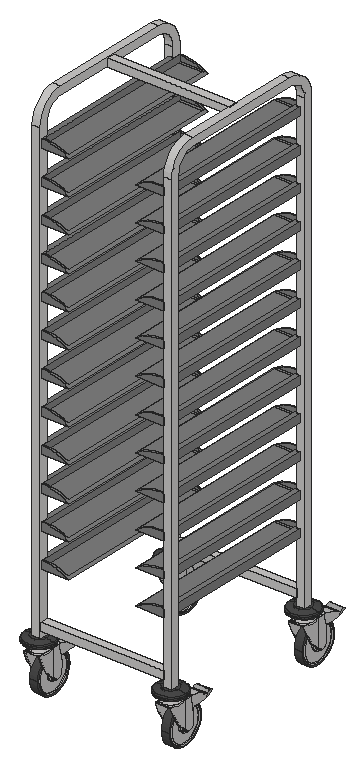
Revit family "QF_BOURGEAT_chariot_cafeteria_12plateaux_modele_haut_gris", category Equipement spécialisé, Revit 2015
Parameters (values of type "chariot_modele_haut_glissieres_grises_sans_panneaux")
  panneaux_lateraux_gris = no
  panneaux_fond_gris = no
  URL Fabricant = "http://www.bourgeat.fr"
  URL = ""
  Type article = ""
  Spécification du Fabricant = "CHARIOT CAFETERIA"
  Profondeur hors tout = 620 mm
  Poids net à vide = 17.00 kg
  Modèle = "782306"
  Longueur hors tout = 510 mm
  Hauteur hors tout = 1700 mm
  Fabricant = "BOURGEAT"
  Contact SAV = "0033(0)4.76.32.14.44"
  Charge max = 60.00 kg
Types (4, lengths in mm): name | panneaux_lateraux_gris | panneaux_fond_gris | Poids net à vide | Modèle
  (no name) | no | no | 17.00 kg | "782306"
  chariot_modele_haut_glissieres_grises_sans_panneaux | no | no | 17.00 kg | "782306"
  chariot_modele_haut_glissieres_grises_avec_2_panneaux_gris | yes | no | 23.50 kg | "782906"
  chariot_modele_haut_glissieres_grises_avec_3_panneaux_gris | yes | yes | 23.50 kg | "782903"
Reference planes
  plane 1 "Centre (avant/arrière)": y = 0
  plane 2: z = 0
  plane 3 "Centre (gauche/droite)": x = 0
  plane 4: z = 227.8
  plane 5: z = 182
  plane 6: z = 202.8
  plane 7: y = 12.5
  plane 8: y = -12.5
  plane 9: x = 219.5
  plane 10: x = -219.5
  plane 11: z = 1570
  plane 12: z = 1462
  plane 13: z = 1354
  plane 14: z = 1246
  plane 15: z = 1138
  plane 16: z = 1030
  plane 17: z = 922
  plane 18: z = 814
  plane 19: z = 706
  plane 20: z = 598
  plane 21: z = 490
  plane 22: z = 382
  plane 23: x = -194.5
  plane 24: z = 1674
Forms (mm)
  Extrusion 1, solid, material "Acier inoxydable, brossé"
    sketch origin (0, 0, 0) x (0, 1, 0) y (0, 0, 1)
      loop
        line (-274, 228) -> (-274, 202.8) -> (-249, 202.8) -> (-249, 228) -> (-274, 228)
      loop
        line (249, 202.8) -> (274, 202.8) -> (274, 228) -> (249, 228) -> (249, 202.8)
    from -194.5 to 194.5
  Extrusion 2, solid, material "Acier inoxydable, brossé"
    sketch origin (0, 0, 0) x (0, 1, 0) y (0, 0, 1)
      loop
        line (-12.5, 1703) -> (-12.5, 1678) -> (12.5, 1678) -> (12.5, 1703) -> (-12.5, 1703)
    from -194.5 to 194.5
Dimensions and locks
  plane 4 to plane 6 = 25 mm
  plane 10 to plane 9 = 439 mm
  Extrusion 2 to plane 2 = 1703 mm
  plane 4 to plane 2 = 227.8 mm
  Extrusion 2 to plane 4 = 1475.2 mm
  equal spacing: group 1, group 2, group 3, group 4, group 5, group 6, group 7, group 8, group 9, group 10, group 11, group 12  (x2)
  equal spacing: group 12, group 11, group 10, group 9, group 8, group 7, group 6, group 5, group 4, group 3, group 2, group 1
  aligned and locked: level to plane 2
  aligned and locked: plane 6 to Extrusion 1 sketch curve
  aligned and locked: Extrusion 1 sketch curve to plane 6
  aligned and locked: plane 10 to nested 4
  aligned and locked: plane 9 to nested 5
  aligned and locked: nested 4 to nested 1
  aligned and locked: nested 2 to nested 4
  aligned and locked: nested 3 to nested 5
  aligned and locked: nested 6 to nested 5
  aligned and locked: nested 5 to nested 6
  aligned and locked: Extrusion 1 to nested 5
  aligned and locked: Extrusion 1 to nested 4
  aligned and locked: Extrusion 2 sketch curve to nested 4  (x2)
  aligned and locked: Extrusion 2 sketch curve to plane 8
  aligned and locked: Extrusion 2 sketch curve to plane 7
  aligned and locked: Extrusion 2 to nested 5
  aligned and locked: Extrusion 2 to nested 4
  aligned and locked: plane 5 to nested 4
  aligned and locked: nested 5 to plane 5
  aligned and locked: plane 11 to nested 7
  aligned and locked: plane 23 to nested 7
  aligned and locked: plane 23 to nested 8
  aligned and locked: nested 4 to plane 23
  aligned and locked: plane 24 to nested 32
  aligned and locked: plane 24 to nested 31
  aligned and locked: nested 32 to nested 19
  aligned and locked: nested 31 to nested 7
  aligned and locked: plane 24 to nested 33
  aligned and locked: nested 33 to nested 7
Nested families
  nested 1: "ROULETTE_H182" at (-207, 261.5, 0), type "ROULETTE_H182"
    with Sans frein yes, Avec frein yes
  nested 2: "ROULETTE_H182" at (-207, -261.5, 0), type "ROULETTE_H182"
    with Sans frein yes, Avec frein yes
  nested 3: "ROULETTE_H182" at (207, -261.5, 0), type "ROULETTE_H182"
    with Sans frein yes, Avec frein yes
  nested 4: "montant_U_grand_modele" at (-207, 0, 182) x (0, 1, 0) z (0, 0, 1), type "montant_U_grand_modele"
  nested 5: "montant_U_grand_modele" at (207, 0, 182) x (0, 1, 0) z (0, 0, 1), type "montant_U_grand_modele"
  nested 6: "ROULETTE_H182" at (207, 261.5, 0), type "ROULETTE_H182"
    with Sans frein yes, Avec frein yes
  nested 7: "glissiere_polypropylene_gris" at (-204.5, 0, 1565), type "glissiere_polypropylene_gris"
  nested 8: "glissiere_polypropylene_gris" at (-204.5, 0, 1457), type "glissiere_polypropylene_gris"
  nested 9: "glissiere_polypropylene_gris" at (-204.5, 0, 1349), type "glissiere_polypropylene_gris"
  nested 10: "glissiere_polypropylene_gris" at (-204.5, 0, 1241), type "glissiere_polypropylene_gris"
  nested 11: "glissiere_polypropylene_gris" at (-204.5, 0, 1133), type "glissiere_polypropylene_gris"
  nested 12: "glissiere_polypropylene_gris" at (-204.5, 0, 1025), type "glissiere_polypropylene_gris"
  nested 13: "glissiere_polypropylene_gris" at (-204.5, 0, 917), type "glissiere_polypropylene_gris"
  nested 14: "glissiere_polypropylene_gris" at (-204.5, 0, 809), type "glissiere_polypropylene_gris"
  nested 15: "glissiere_polypropylene_gris" at (-204.5, 0, 701), type "glissiere_polypropylene_gris"
  nested 16: "glissiere_polypropylene_gris" at (-204.5, 0, 593), type "glissiere_polypropylene_gris"
  nested 17: "glissiere_polypropylene_gris" at (-204.5, 0, 485), type "glissiere_polypropylene_gris"
  nested 18: "glissiere_polypropylene_gris" at (-204.5, 0, 377), type "glissiere_polypropylene_gris"
  nested 19: "glissiere_polypropylene_gris" at (204.5, 0, 1565) x (-1, 0, 0) z (0, 0, 1), type "glissiere_polypropylene_gris"
  nested 20: "glissiere_polypropylene_gris" at (204.5, 0, 1457) x (-1, 0, 0) z (0, 0, 1), type "glissiere_polypropylene_gris"
  nested 21: "glissiere_polypropylene_gris" at (204.5, 0, 1349) x (-1, 0, 0) z (0, 0, 1), type "glissiere_polypropylene_gris"
  nested 22: "glissiere_polypropylene_gris" at (204.5, 0, 1241) x (-1, 0, 0) z (0, 0, 1), type "glissiere_polypropylene_gris"
  nested 23: "glissiere_polypropylene_gris" at (204.5, 0, 1133) x (-1, 0, 0) z (0, 0, 1), type "glissiere_polypropylene_gris"
  nested 24: "glissiere_polypropylene_gris" at (204.5, 0, 1025) x (-1, 0, 0) z (0, 0, 1), type "glissiere_polypropylene_gris"
  nested 25: "glissiere_polypropylene_gris" at (204.5, 0, 917) x (-1, 0, 0) z (0, 0, 1), type "glissiere_polypropylene_gris"
  nested 26: "glissiere_polypropylene_gris" at (204.5, 0, 809) x (-1, 0, 0) z (0, 0, 1), type "glissiere_polypropylene_gris"
  nested 27: "glissiere_polypropylene_gris" at (204.5, 0, 701) x (-1, 0, 0) z (0, 0, 1), type "glissiere_polypropylene_gris"
  nested 28: "glissiere_polypropylene_gris" at (204.5, 0, 593) x (-1, 0, 0) z (0, 0, 1), type "glissiere_polypropylene_gris"
  nested 29: "glissiere_polypropylene_gris" at (204.5, 0, 485) x (-1, 0, 0) z (0, 0, 1), type "glissiere_polypropylene_gris"
  nested 30: "glissiere_polypropylene_gris" at (204.5, 0, 377) x (-1, 0, 0) z (0, 0, 1), type "glissiere_polypropylene_gris"
  nested 31: "panneaux_lateraux_gris_grand_modele" at (-208.5, 0, 254) x (0, 1, 0) z (0, 0, 1), visible <- "panneaux_lateraux_gris", type "panneaux_lateraux_gris_grand_modele"
  nested 32: "panneaux_lateraux_gris_grand_modele" at (204.5, 0, 254) x (0, 1, 0) z (0, 0, 1), visible <- "panneaux_lateraux_gris", type "panneaux_lateraux_gris_grand_modele"
  nested 33: "panneaux_fond_gris_grand_modele" at (0, 276.5, 254), visible <- "panneaux_fond_gris", type "panneaux_fond_gris_grand_modele"
Definition of nested family "ROULETTE_H182"
  Parameters (values of type "ROULETTE_H182")
    Sans frein [instance] = yes
    Avec frein [instance] = yes
  Reference planes
    plane 1 "Centre (avant/arrière)": y = 0
    plane 2: z = 0
    plane 3 "Centre (gauche/droite)": x = 0
    plane 4: y = 40.851
    plane 5: z = 62.5
  Forms (mm)
    Extrusion 1, solid
      sketch origin (0, 0, 0) x (0, 1, 0) y (0, 0, 1)
        loop
          circle (40.851, 62.5) r 62.5
        loop
          circle (40.851, 62.5) r 57.5
      from -12.5 to 12.5
    Revolve 2, solid
      sketch origin (0, 0, 30.333) x (1, 0, 0) y (0, 0, 1)
        loop
          line (0, 151.667) -> (-25, 151.667) -> (-45.338, 146.217)
          arc (-45.338, 146.217) -> (-46.897, 145.175) -> (-47.5, 143.4) r 2.917
          line (-47.5, 143.4) -> (-47.5, 138.833)
          arc (-47.5, 138.833) -> (-47.012, 137.655) -> (-45.833, 137.167) r 1.667
          line (-45.833, 137.167) -> (-24.607, 137.167) -> (-24, 132.667) -> (0, 132.667) -> (0, 151.667)
        axis (0, 151.667) -> (0, 132.667)
      angle from 0 to 360
    Revolve 3, solid
      sketch origin (0, 0, 0) x (0, 1, 0) y (0, 0, 1)
        loop
          line (0, 163) -> (-20.149, 163) -> (-20.149, 159.41) -> (-21.6, 159.41)
          arc (-21.6, 159.41) -> (-24.448, 158.65) -> (-26.537, 156.572) r 5.712
          line (-26.537, 156.572) -> (-30.146, 147.743) -> (-26.999, 147.062) -> (-26.999, 146.112)
          arc (-26.999, 146.112) -> (-27.23, 145.314) -> (-27.849, 144.761) r 1.5
          arc (-27.849, 144.761) -> (-29.223, 143.633) -> (-29.923, 142) r 3.75
          line (-29.923, 142) -> (0, 142) -> (0, 163)
        axis (0, 163) -> (0, 142)
      angle from 0 to 360
    Extrusion 4, solid
      sketch origin (0, 0, 0) x (0, 1, 0) y (0, 0, -1)
        loop
          line (-29.974, -138.241) -> (-29.974, -142) -> (21.747, -142) -> (21.747, -60.336)
          arc (21.747, -60.336) -> (10.272, -70.702) -> (-0.149, -82.127) r 160.057
          arc (-0.149, -82.127) -> (-17.883, -108.684) -> (-29.974, -138.241) r 159.585
      from -24.913 to -23.038
    Extrusion 5, solid
      sketch origin (0, 0, 0) x (0, 1, 0) y (0, 0, 1)
        loop
          line (-29.974, 142) -> (-29.974, 140.869) -> (21.747, 140.869) -> (21.747, 142) -> (-29.974, 142)
      from -23.038 to 23.038
    Extrusion 6, solid
      sketch origin (0, 0, 0) x (0, 1, 0) y (0, 0, 1)
        loop
          circle (40.851, 62.5) r 57.5
        loop
          circle (40.851, 62.5) r 55
      from -12.5 to 12.5
    Extrusion 7, solid
      sketch origin (0, 0, 0) x (0, 1, 0) y (0, 0, 1)
        loop
          circle (40.851, 62.5) r 55
      from -7 to 7
    Extrusion 8, solid
      sketch origin (0, 0, 0) x (0, 1, 0) y (0, 0, 1)
        loop
          circle (40.851, 62.5) r 21
      from 7 to 15
    Extrusion 9, solid
      sketch origin (0, 0, 0) x (0, 1, 0) y (0, 0, -1)
        loop
          circle (40.851, -62.5) r 16
      from -23.038 to -15
    Extrusion 10, solid, visible <- "Sans frein"
      sketch origin (0, 0, 0) x (0, 1, 0) y (0, 0, 1)
        loop
          arc (21.747, 60.336) -> (23.188, 59.17) -> (24.642, 58.02) r 161.23
          arc (24.642, 58.02) -> (29.34, 54.513) -> (34.187, 51.216) r 133.333
          arc (34.187, 51.216) -> (46.517, 50.3) -> (53.927, 60.198) r 12.867
          arc (53.927, 60.198) -> (54.714, 99.183) -> (46.119, 137.216) r 161.222
          arc (46.119, 137.216) -> (45.679, 138.887) -> (45.531, 140.609) r 10.076
          line (45.531, 140.609) -> (45.531, 142) -> (21.747, 142) -> (21.747, 60.336)
      from 23.038 to 24.913
    Extrusion 11, solid, visible <- "Sans frein"
      sketch origin (0, 0, 0) x (0, 1, 0) y (0, 0, 1)
        loop
          line (21.747, 142) -> (21.747, 140.701) -> (48.851, 140.701) -> (48.851, 142) -> (21.747, 142)
      from -23.038 to 23.038
    Extrusion 12, solid, visible <- "Avec frein"
      sketch origin (0, 0, 0) x (0, 1, 0) y (0, 0, 1)
        loop
          line (21.747, 142) -> (21.747, 60.336)
          arc (21.747, 60.336) -> (23.177, 59.179) -> (24.62, 58.038) r 160.008
          arc (24.62, 58.038) -> (29.041, 54.705) -> (33.574, 51.527) r 160
          arc (33.574, 51.527) -> (46.135, 50.422) -> (53.724, 60.491) r 13
          arc (53.724, 60.491) -> (55.279, 82.092) -> (53.902, 103.704) r 160
          arc (53.902, 103.704) -> (55.53, 108.653) -> (60.415, 110.463) r 6
          arc (60.415, 110.463) -> (80.625, 109.924) -> (100.725, 112.107) r 150
          arc (100.725, 112.107) -> (104.408, 113.406) -> (107.479, 115.819) r 12
          line (107.479, 115.819) -> (110.851, 121.523)
          arc (110.851, 121.523) -> (85.913, 134.651) -> (58.706, 142) r 127.902
          line (58.706, 142) -> (21.747, 142)
      from 23.038 to 24.913
    Extrusion 13, solid, visible <- "Avec frein"
      sketch origin (0, 0, 0) x (0, 1, 0) y (0, 0, 1)
        loop
          line (58.706, 142) -> (21.747, 142) -> (21.747, 140) -> (58.552, 140)
          arc (58.552, 140) -> (85.253, 132.762) -> (109.73, 119.866) r 125.902
          line (109.73, 119.866) -> (110.851, 121.523)
          arc (110.851, 121.523) -> (85.913, 134.651) -> (58.706, 142) r 127.902
      from -23.038 to 23.038
    Extrusion 14, solid, visible <- "Avec frein"
      sketch origin (0, 19.896, 18.175) x (0, 1, 0) y (0, 0, 1)
        loop
          line (87.583, 97.644) -> (91.829, 95.227)
          arc (91.829, 95.227) -> (93.8, 95.006) -> (95.312, 96.29) r 2.5
          arc (95.312, 96.29) -> (103.495, 100.002) -> (111.176, 104.666) r 74.999
          line (111.176, 104.666) -> (110.852, 105.929)
          arc (110.852, 105.929) -> (110.04, 107.086) -> (108.666, 107.417) r 2
          arc (108.666, 107.417) -> (101.396, 105.849) -> (94.512, 103.034) r 42.354
          line (94.512, 103.034) -> (93.479, 101.228) -> (93.285, 100.414) -> (91.69, 101.675) -> (90.401, 102.412) -> (87.583, 97.644)
      from -23.038 to 23.038
    Extrusion 15, solid, not visible
      sketch origin (0, 0, 0) x (0, 1, 0) y (0, 0, -1)
        loop
          line (-29.974, -138.241) -> (-29.974, -142) -> (21.747, -142) -> (21.747, -60.336)
          arc (21.747, -60.336) -> (10.272, -70.702) -> (-0.149, -82.127) r 160.057
          arc (-0.149, -82.127) -> (-17.883, -108.684) -> (-29.974, -138.241) r 159.585
      from -24.913 to -23.038
    Extrusion 16, solid, not visible
      sketch origin (0, 0, 0) x (0, 1, 0) y (0, 0, 1)
        loop
          circle (40.851, 62.5) r 21
      from 7 to 15
    Extrusion 17, solid, not visible
      sketch origin (0, 0, 0) x (0, 1, 0) y (0, 0, -1)
        loop
          circle (40.851, -62.5) r 16
      from -23.038 to -15
    Extrusion 18, solid, visible <- "Sans frein", not visible
      sketch origin (0, 0, 0) x (0, 1, 0) y (0, 0, 1)
        loop
          arc (21.747, 60.336) -> (23.188, 59.17) -> (24.642, 58.02) r 161.23
          arc (24.642, 58.02) -> (29.34, 54.513) -> (34.187, 51.216) r 133.333
          arc (34.187, 51.216) -> (46.517, 50.3) -> (53.927, 60.198) r 12.867
          arc (53.927, 60.198) -> (54.714, 99.183) -> (46.119, 137.216) r 161.222
          arc (46.119, 137.216) -> (45.679, 138.887) -> (45.531, 140.609) r 10.076
          line (45.531, 140.609) -> (45.531, 142) -> (21.747, 142) -> (21.747, 60.336)
      from 23.038 to 24.913
    Extrusion 19, solid, visible <- "Avec frein", not visible
      sketch origin (0, 0, 0) x (0, 1, 0) y (0, 0, 1)
        loop
          line (21.747, 142) -> (21.747, 60.336)
          arc (21.747, 60.336) -> (23.177, 59.179) -> (24.62, 58.038) r 160.008
          arc (24.62, 58.038) -> (29.041, 54.705) -> (33.574, 51.527) r 160
          arc (33.574, 51.527) -> (46.135, 50.422) -> (53.724, 60.491) r 13
          arc (53.724, 60.491) -> (55.279, 82.092) -> (53.902, 103.704) r 160
          arc (53.902, 103.704) -> (55.53, 108.653) -> (60.415, 110.463) r 6
          arc (60.415, 110.463) -> (80.625, 109.924) -> (100.725, 112.107) r 150
          arc (100.725, 112.107) -> (104.408, 113.406) -> (107.479, 115.819) r 12
          line (107.479, 115.819) -> (110.851, 121.523)
          arc (110.851, 121.523) -> (85.913, 134.651) -> (58.706, 142) r 127.902
          line (58.706, 142) -> (21.747, 142)
      from 23.038 to 24.913
    Extrusion 20, solid
      sketch origin (0, 0, 0) x (0, -1, 0) y (0, 0, -1)
        loop
          arc (29.974, -138.241) -> (17.883, -108.684) -> (0.149, -82.127) r 159.585
          arc (0.149, -82.127) -> (-10.272, -70.702) -> (-21.747, -60.336) r 160.057
          line (-21.747, -60.336) -> (-21.747, -142) -> (29.974, -142) -> (29.974, -138.241)
      from -24.913 to -23.038
    Extrusion 21, solid
      sketch origin (0, 0, 0) x (0, -1, 0) y (0, 0, 1)
        loop
          circle (-40.851, 62.5) r 21
      from 7 to 15
    Extrusion 22, solid
      sketch origin (0, 0, 0) x (0, -1, 0) y (0, 0, -1)
        loop
          circle (-40.851, -62.5) r 16
      from -23.038 to -15
    Extrusion 23, solid, visible <- "Sans frein"
      sketch origin (0, 0, 0) x (0, -1, 0) y (0, 0, 1)
        loop
          line (-21.747, 60.336) -> (-21.747, 142) -> (-45.531, 142) -> (-45.531, 140.609)
          arc (-45.531, 140.609) -> (-45.679, 138.887) -> (-46.119, 137.216) r 10.076
          arc (-46.119, 137.216) -> (-54.714, 99.183) -> (-53.927, 60.198) r 161.222
          arc (-53.927, 60.198) -> (-46.517, 50.3) -> (-34.187, 51.216) r 12.867
          arc (-34.187, 51.216) -> (-29.34, 54.513) -> (-24.642, 58.02) r 133.333
          arc (-24.642, 58.02) -> (-23.188, 59.17) -> (-21.747, 60.336) r 161.23
      from 23.038 to 24.913
    Extrusion 24, solid, visible <- "Avec frein"
      sketch origin (0, 0, 0) x (0, -1, 0) y (0, 0, 1)
        loop
          line (-21.747, 142) -> (-58.706, 142)
          arc (-58.706, 142) -> (-85.913, 134.651) -> (-110.851, 121.523) r 127.902
          line (-110.851, 121.523) -> (-107.479, 115.819)
          arc (-107.479, 115.819) -> (-104.408, 113.406) -> (-100.725, 112.107) r 12
          arc (-100.725, 112.107) -> (-80.625, 109.924) -> (-60.415, 110.463) r 150
          arc (-60.415, 110.463) -> (-55.53, 108.653) -> (-53.902, 103.704) r 6
          arc (-53.902, 103.704) -> (-55.279, 82.092) -> (-53.724, 60.491) r 160
          arc (-53.724, 60.491) -> (-46.135, 50.422) -> (-33.574, 51.527) r 13
          arc (-33.574, 51.527) -> (-29.041, 54.705) -> (-24.62, 58.038) r 160
          arc (-24.62, 58.038) -> (-23.177, 59.179) -> (-21.747, 60.336) r 160.008
          line (-21.747, 60.336) -> (-21.747, 142)
      from 23.038 to 24.913
  Dimensions and locks
    aligned and locked: level to plane 2
Definition of nested family "montant_U_grand_modele"
  Reference planes
    plane 1 "Centre (avant/arrière)": y = 0
    plane 2: z = 0
    plane 3 "Centre (gauche/droite)": x = 0
    plane 4: x = -261.5
    plane 5: x = 261.5
    plane 6: z = 1508.5
  Forms (mm)
    Sweep 1, solid
      path origin (0, 0, 0) x (1, 0, 0) y (0, 0, 1)
        loop
          line (-261.5, 0) -> (-261.5, 1438.5)
          arc (-261.5, 1438.5) -> (-240.997, 1487.997) -> (-191.5, 1508.5) r 70
          line (-191.5, 1508.5) -> (191.5, 1508.5)
          arc (191.5, 1508.5) -> (240.997, 1487.997) -> (261.5, 1438.5) r 70
          line (261.5, 1438.5) -> (261.5, 0)
      profile origin (-261.5, 0, 719.25) x (-1, 0, 0) y (0, -1, 0)
        loop
          line (-12.5, -12.5) -> (12.5, -12.5) -> (12.5, 12.5) -> (-12.5, 12.5) -> (-12.5, -12.5)
  Dimensions and locks
    equal spacing: plane 4, plane 3 "Centre (gauche/droite)", plane 5
    plane 6 to plane 2 = 1508.5 mm
    Sweep 1 to Sweep 1 = 548 mm
    aligned and locked: level to plane 2
    aligned and locked: Sweep 1 sketch curve to plane 4
    aligned and locked: Sweep 1 sketch curve to plane 6
    aligned and locked: Sweep 1 sketch curve to plane 5
  Automatic sketch dimensions
    Sweep 1 sketch curve to level = 0 mm  (x2)
    Sweep 1 sketch curve to plane 4 = 70 mm
    Sweep 1 sketch curve to Sweep 1 sketch curve = 70 mm
    Sweep 1 sketch curve to plane 1 "Centre (avant/arrière)" = 12.5 mm
    plane 1 "Centre (avant/arrière)" to Sweep 1 sketch curve = 12.5 mm
    profile plane to Sweep 1 sketch curve = 12.5 mm
    Sweep 1 sketch curve to profile plane = 12.5 mm
Definition of nested family "glissiere_polypropylene_gris"
  Reference planes
    plane 1 "Centre (avant/arrière)": y = 0
    plane 2: z = 0
    plane 3 "Centre (gauche/droite)": x = 0
    plane 4: z = 25
    plane 5: x = 100
    plane 6: x = 22
    plane 7: y = 272.5
    plane 8: y = -272.5
    plane 9: x = 15
    plane 10: y = -267.5
    plane 11: z = 5
    plane 12: y = 267.5
    plane 13: y = 247.7
    plane 14: y = -247.7
    plane 15: x = 10
  Forms (mm)
    Extrusion 1, solid
      sketch origin (0, 0, 0) x (1, 0, 0) y (0, 0, 1)
        loop
          line (0, 25) -> (0, 0) -> (100, 0)
          arc (100, 0) -> (62.954, 18.597) -> (22, 25) r 134.18
          line (22, 25) -> (0, 25)
      from -272.5 to 272.5
    Extrusion 2, void
      sketch origin (0, 0, 0) x (0, 1, 0) y (0, 0, 1)
        loop
          line (-264, 5) -> (264, 5)
          arc (264, 5) -> (266.475, 6.025) -> (267.5, 8.5) r 3.5
          line (267.5, 8.5) -> (267.5, 43.902) -> (-267.5, 43.902) -> (-267.5, 8.5)
          arc (-267.5, 8.5) -> (-266.475, 6.025) -> (-264, 5) r 3.5
      from 15 to 250
    Extrusion 3, void
      sketch origin (0, 0, 0) x (1, 0, 0) y (0, 1, 0)
        loop
          line (10, 247.7) -> (10, 289.852) -> (-26.988, 289.852) -> (-26.988, 247.7) -> (10, 247.7)
        loop
          line (10, -247.7) -> (-17.716, -247.7) -> (-17.716, -285.125) -> (10, -285.125) -> (10, -247.7)
      from -29.595 to 250
  Cuts and joins
    Extrusion 2, Extrusion 3 cuts Extrusion 1
  Dimensions and locks
    aligned and locked: level to plane 2
    aligned and locked: Extrusion 1 sketch curve to plane 3 "Centre (gauche/droite)"
    aligned and locked: Extrusion 1 sketch curve to plane 2
    aligned and locked: Extrusion 1 sketch curve to plane 4
    aligned and locked: plane 7 to Extrusion 1
    aligned and locked: plane 8 to Extrusion 1
    aligned and locked: Extrusion 2 sketch curve to plane 11
    aligned and locked: Extrusion 2 sketch curve to plane 10
    aligned and locked: plane 12 to Extrusion 2 sketch curve
    aligned and locked: Extrusion 2 to plane 9
    aligned and locked: plane 13 to Extrusion 3 sketch curve
    aligned and locked: plane 15 to Extrusion 3 sketch curve
    aligned and locked: plane 14 to Extrusion 3 sketch curve
    aligned and locked: Extrusion 3 sketch curve to plane 15
Definition of nested family "panneaux_lateraux_gris_grand_modele"
  Reference planes
    plane 1 "Centre (avant/arrière)": y = 0
    plane 2: z = 0
    plane 3 "Centre (gauche/droite)": x = 0
    plane 4: x = -244
    plane 5: x = 244
    plane 6: z = 1420
    plane 7: y = -4
  Forms (mm)
    Extrusion 1, solid
      sketch origin (0, 0, 0) x (1, 0, 0) y (0, 0, 1)
        loop
          arc (-191.5, 1420) -> (-228.623, 1404.623) -> (-244, 1367.5) r 52.5
          line (-244, 1367.5) -> (-244, 0) -> (244, 0) -> (244, 1367.5)
          arc (244, 1367.5) -> (228.623, 1404.623) -> (191.5, 1420) r 52.5
          line (191.5, 1420) -> (-191.5, 1420)
      from 0 to 4
  Dimensions and locks
    plane 6 to plane 2 = 1420 mm
    plane 4 to plane 3 "Centre (gauche/droite)" = 244 mm
    plane 5 to plane 3 "Centre (gauche/droite)" = 244 mm
    aligned and locked: level to plane 2
    aligned and locked: Extrusion 1 sketch curve to plane 6
    aligned and locked: Extrusion 1 sketch curve to plane 4
    aligned and locked: plane 2 to Extrusion 1 sketch curve
    aligned and locked: Extrusion 1 sketch curve to plane 5
    aligned and locked: Extrusion 1 to plane 7
Definition of nested family "panneaux_fond_gris_grand_modele"
  Reference planes
    plane 1 "Centre (avant/arrière)": y = 0
    plane 2: z = 0
    plane 3 "Centre (gauche/droite)": x = 0
    plane 4: x = -189.5
    plane 5: x = 189.5
    plane 6: z = 1420
    plane 7: y = -4
  Forms (mm)
    Extrusion 1, solid
      sketch origin (0, 0, 0) x (1, 0, 0) y (0, 0, 1)
        loop
          arc (-137, 1420) -> (-174.123, 1404.623) -> (-189.5, 1367.5) r 52.5
          line (-189.5, 1367.5) -> (-189.5, 0) -> (189.5, 0) -> (189.5, 1367.5)
          arc (189.5, 1367.5) -> (174.123, 1404.623) -> (137, 1420) r 52.5
          line (137, 1420) -> (-137, 1420)
      from 0 to 4
  Dimensions and locks
    plane 6 to plane 2 = 1420 mm
    plane 4 to plane 3 "Centre (gauche/droite)" = 189.5 mm
    plane 5 to plane 3 "Centre (gauche/droite)" = 189.5 mm
    aligned and locked: level to plane 2
    aligned and locked: Extrusion 1 sketch curve to plane 6
    aligned and locked: Extrusion 1 sketch curve to plane 4
    aligned and locked: plane 2 to Extrusion 1 sketch curve
    aligned and locked: Extrusion 1 sketch curve to plane 5
    aligned and locked: Extrusion 1 to plane 7
